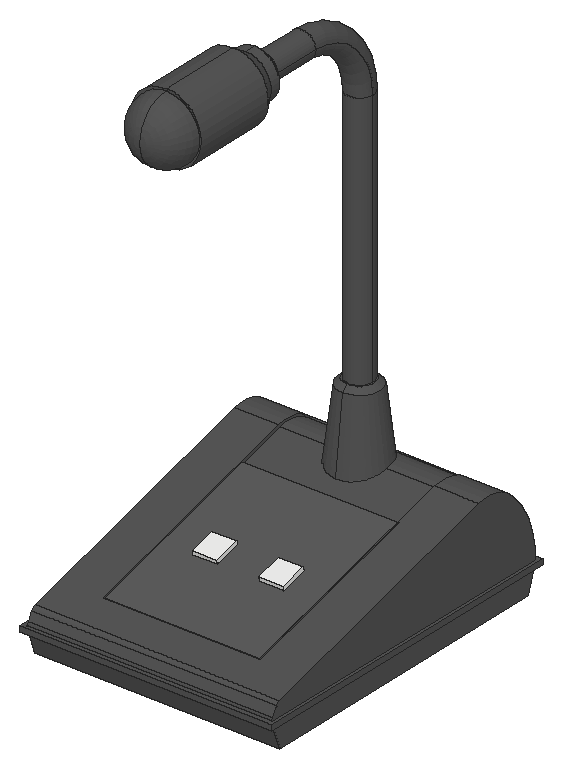
Revit family "Electronics_Commercial-Audio_Biamp_Paging-Station_MICPAT-2_MICPAT-4_MICPAT-D", category Communication Devices, host Face, Revit 2020
Family settings
  Host = Face
  Maintain Annotation Orientation = No
  Round Connector Dimension = Use Diameter
  Part Type = Normal
  OmniClass Number = 23.85.10.11.14.14.11
  Cut with Voids When Loaded = No
  Shared = No
  Room Calculation Point = No
Parameters (values of type "MICPAT-2")
  Zones = "2"
  Width = 0' - 4.92126"
  Weight = 1.87393 lbf
  Voltage = 0.275 V
  URL = "https://www.biamp.com/"
  Rated output impedance  in ohms = "600 balanced"
  Product data url = "https://www.bimobject.com/biamp/product/micpat-2_commercial-audio-microphone"
  Product Page URL = "https://www.biamp.com/products/product-families/commercial-audio/microphones#micpat-2"
  Product Documentation Link = "https://downloads.biamp.com/assets/docs/default-source/data-sheets/biamp_data_sheet_micpat-2.pdf"
  Power type = ""
  Power Factor = 1
  Polar pattern = "Uni-directional"
  Number of Poles = 1
  Model = "MICPAT-2"
  Max Power Consumption = 0 W
  Manufacturer = "Biamp"  # constant formula
  MICPAT-D = no
  MICPAT-4 = no
  MICPAT-2-D = yes
  MICPAT-2 = yes
  Indicator = "1 per button"
  Housing Material = Biamp - Plastic - Black
  Height = 0' - 2.16535"
  Frequency range = "80 Hz - 12 kHz"
  Description = "MICPAT-2 Selective 2-Zone Paging Station"
  Depth = 0' - 6.88976"
  Default Elevation = 4' - 0"
  Connector Description = "Open wire"
  Cable type = "2 core + 2 core screened"
  Cable lenght in m = "5"
  Buttons = "2 push to-talk"
  Apparent Load = Max Power Consumption / Power Factor  # 0 VA
  Active = ""
Types (3): name | Zones | Width | Weight | Voltage | Rated output impedance  in ohms | Product data url | Product Page URL | Product Documentation Link | Power type | Polar pattern | Model | MICPAT-D | MICPAT-4 | MICPAT-2-D | MICPAT-2 | Indicator | Housing Material | Height | Frequency range | Description | Depth | Connector Description | Cable type | Cable lenght in m | Buttons | Active
  MICPAT-2 | "2" | 0' - 4.92126" | 1.87393 lbf | 0.275 V | "600 balanced" | "https://www.bimobject.com/biamp/product/micpat-2_commercial-audio-microphone" | "https://www.biamp.com/products/product-families/commercial-audio/microphones#micpat-2" | "https://downloads.biamp.com/assets/docs/default-source/data-sheets/biamp_data_sheet_micpat-2.pdf" | "" | "Uni-directional" | "MICPAT-2" | no | no | yes | yes | "1 per button" | Biamp - Plastic - Black | 0' - 2.16535" | "80 Hz - 12 kHz" | "MICPAT-2 Selective 2-Zone Paging Station" | 0' - 6.88976" | "Open wire" | "2 core + 2 core screened" | "5" | "2 push to-talk" | ""
  MICPAT-D | "" | 0' - 4.72441" | 1.78574 lbf | 0.005 V | "600" | "https://www.bimobject.com/biamp/product/micpat-d_commercial-audio-microphone" | "https://www.biamp.com/products/product-families/commercial-audio/microphones#micpat-d" | "https://downloads.biamp.com/assets/docs/default-source/data-sheets/biamp_data_sheet_micpat-d.pdf" | "" | "Uni-directional" | "MICPAT-D" | yes | no | yes | no | "" | Biamp - Plastic - Black | 0' - 1.9685" | "80 Hz - 12 kHz" | "MICPAT-D All Call Dynamic Paging Microphone" | 0' - 6.49606" | "DIN5" | "" | "3" | "Toggle switch : talk - off - continuous talk" | ""
  MICPAT-4 | "4" | 0' - 4.52756" | 1.21254 lbf | 0.000 V | "50 balanced" | "https://www.bimobject.com/en/biamp/product/micpat-4_commercial-audio-microphone" | "https://www.biamp.com/products/product-families/commercial-audio/microphones#micpat-4" | "https://downloads.biamp.com/assets/docs/default-source/data-sheets/biamp_data_sheet_micpat-4.pdf" | "Phantom" | "directional, low feedback, electret capsule" | "MICPAT-4" | no | yes | no | no | "1 per button + multi color status" | Biamp - Plastic - Gray | 0' - 2.3622" | "80 Hz - 20 kHz" | "MICPAT-4 Selective 4-Zone Paging Station" | 0' - 6.37795" | "RJ45" | "CAT5" | "5" | "4 selection + Call + All Call" | "Yes"
Reference planes (in)
  plane 1 "Center (Front/Back)": y = 0
  plane 2: z = 0
  plane 3 "Center (Left/Right)": x = 0
Forms (in)
  Extrusion 1, solid, material "Biamp - Plastic - Black" <- "Housing Material", visible <- "MICPAT-2-D", detail levels fine
    sketch origin (0, 0, 0) x (0, 1, 0) y (0, 0, 1)
      loop
        line (3.13171, 0) -> (3.27807, 0.45045)
        arc (3.27807, 0.45045) -> (3.31298, 0.6182) -> (3.31077, 0.78953) r 0.7874
        arc (3.31077, 0.78953) -> (3.11799, 1.4408) -> (2.72361, 1.99377) r 2.05678
        arc (2.72361, 1.99377) -> (2.34375, 2.21225) -> (1.90555, 2.21007) r 0.84136
        line (1.90555, 2.21007) -> (-3.12357, 0.86253)
        arc (-3.12357, 0.86253) -> (-3.17291, 0.83739) -> (-3.20776, 0.79435) r 0.13317
        line (-3.20776, 0.79435) -> (-3.29558, 0.62199)
        arc (-3.29558, 0.62199) -> (-3.31832, 0.53712) -> (-3.30457, 0.45033) r 0.21132
        line (-3.30457, 0.45033) -> (-3.13171, 0) -> (3.13171, 0)
    from 2.46063 to -2.46063
  Revolve 2, solid, material "Biamp - Plastic - Black" <- "Housing Material", visible <- "MICPAT-2-D", detail levels fine
    sketch origin (0, 0, 0) x (0, 1, 0) y (0, 0, 1)
      loop
        line (1.96504, 3.60757) -> (1.96504, 1.74194) -> (2.5938, 1.74194) -> (2.37789, 3.50039) -> (2.2707, 3.60757) -> (1.96504, 3.60757)
      axis (1.96504, 3.60757) -> (1.96504, 1.74194)
    angle from 0 to 360
  Sweep 3, solid, material "Biamp - Plastic - Black" <- "Housing Material", visible <- "MICPAT-2-D"
    path origin (0, 0, 0) x (0, 1, 0) y (0, 0, 1)
      loop
        line (1.96504, 3.60757) -> (1.96504, 8.79389)
        arc (1.96504, 8.79389) -> (1.54054, 9.81873) -> (0.5157, 10.24323) r 1.44934
        line (0.5157, 10.24323) -> (-0.44984, 10.24323)
    profile origin (0, 1.96504, 6.20073) x (0, -1, 0) y (1, 0, 0)
      loop
        circle (0, 0) r 0.26836
  Revolve 4, solid, material "Biamp - Plastic - Black" <- "Housing Material", visible <- "MICPAT-2-D"
    sketch origin (0, 0, 0) x (0, 1, 0) y (0, 0, 1)
      loop
        line (-0.44984, 10.51159) -> (-0.67611, 10.73786) -> (-0.89781, 10.73786) -> (-1.21877, 10.95436) -> (-2.90116, 10.95436) -> (-2.90116, 10.90498)
        arc (-2.90116, 10.90498) -> (-3.36909, 10.71116) -> (-3.56291, 10.24323) r 0.66175
        line (-3.56291, 10.24323) -> (-0.44984, 10.24323) -> (-0.44984, 10.51159)
      axis (-0.44984, 10.24323) -> (-3.56291, 10.24323)
    angle from 0 to 360
  Extrusion 5, solid, material "Biamp - Plastic - Black" <- "Housing Material", visible <- "MICPAT-2-D", detail levels coarse+medium
    sketch origin (0, 0, 0) x (0, 1, 0) y (0, 0, 1)
      loop
        line (3.13171, 0) -> (3.32526, 0.59569)
        arc (3.32526, 0.59569) -> (3.15852, 1.35243) -> (2.72361, 1.99377) r 2.05678
        arc (2.72361, 1.99377) -> (2.34375, 2.21225) -> (1.90555, 2.21007) r 0.84136
        line (1.90555, 2.21007) -> (-3.18084, 0.84718) -> (-3.33829, 0.53816) -> (-3.13171, 0) -> (3.13171, 0)
    from 2.46063 to -2.46063
  Extrusion 6, void
    sketch origin (0, 0, 0) x (0, 1, 0) y (0, 0, 1)
      loop
        line (1.90555, 2.21007) -> (-2.50898, 1.0272) -> (-2.49879, 0.98918) -> (1.91587, 2.17208)
        arc (1.91587, 2.17208) -> (2.33363, 2.1742) -> (2.69577, 1.96593) r 0.80199
        line (2.69577, 1.96593) -> (2.72361, 1.99377)
        arc (2.72361, 1.99377) -> (2.34375, 2.21225) -> (1.90555, 2.21007) r 0.84136
    from -1.5748 to 1.57525
  Extrusion 7, solid, material "Biamp - Plastic - Black" <- "Housing Material", visible <- "MICPAT-2-D", detail levels fine
    sketch origin (0, 0, 0) x (1, 0, 0) y (0, 1, 0)
      loop
        line (-2.46063, 3.32526) -> (-2.46063, -3.33829) -> (2.46063, -3.33829) -> (2.46063, 3.32526) -> (-2.46063, 3.32526)
      loop
        line (-2.53937, -3.41703) -> (2.53937, -3.41703) -> (2.53937, 3.404) -> (-2.53937, 3.404) -> (-2.53937, -3.41703)
    from 0.47006 to 0.57889
  Extrusion 8, void
    sketch origin (0, 0, 0) x (0, 1, 0) y (0, 0, 1)
      loop
        line (1.91587, 2.17208) -> (1.34832, 2.02) -> (1.32291, 1.72964) -> (2.6013, 1.72964) -> (2.56355, 2.07269)
        arc (2.56355, 2.07269) -> (2.25032, 2.19155) -> (1.91587, 2.17208) r 0.80199
    from -0.84071 to 0.93675
  Extrusion 9, solid, material "Biamp - Metal - Black", visible <- "MICPAT-2-D", detail levels fine
    sketch origin (0, 0, 0) x (0, 1, 0) y (0, 0, 1)
      loop
        line (-2.49879, 0.98918) -> (0.98439, 1.92249) -> (0.9742, 1.96052) -> (-2.50898, 1.0272) -> (-2.49879, 0.98918)
    from -1.5748 to 1.57525
  Extrusion 10, solid, material "Biamp - Plastic - White", visible <- "MICPAT-2", detail levels fine
    sketch origin (0, 0, 0) x (0, 1, 0) y (0, 0, 1)
      loop
        line (-1.07942, 1.41025) -> (-0.58235, 1.54344) -> (-0.60273, 1.6195) -> (-1.0998, 1.48631) -> (-1.07942, 1.41025)
    from -0.91752 to -0.42963
  Extrusion 11, solid, material "Biamp - Plastic - White", visible <- "MICPAT-2", detail levels fine
    sketch origin (0, 0, 0) x (0, 1, 0) y (0, 0, -1)
      loop
        line (-1.07942, -1.41025) -> (-1.0998, -1.48631) -> (-0.60273, -1.6195) -> (-0.58235, -1.54344) -> (-1.07942, -1.41025)
    from -0.91752 to -0.42963
  Extrusion 12, solid, material "Biamp - Plastic - Black" <- "Housing Material", visible <- "MICPAT-D", detail levels fine
    sketch origin (0, 0, 0) x (0, 1, 0) y (0, 0, 1)
      loop
        line (-0.73982, 1.50125) -> (-0.91376, 2.1504)
        arc (-0.91376, 2.1504) -> (-1.0343, 2.22) -> (-1.1039, 2.09945) r 0.09843
        line (-1.1039, 2.09945) -> (-0.92996, 1.4503) -> (-0.73982, 1.50125)
    from -0.09843 to 0.09843
  Extrusion 13, void
    sketch origin (0, 0, 0) x (1, 0, 0) y (0, 0, 1)
      loop
        circle (0.97889, 0.23091) r 0.19685
    from -3.32526 to -3.09656
  Extrusion 14, solid, material "Biamp - Plastic - Gray", visible <- "MICPAT-4", detail levels fine
    sketch origin (0, 0, 0) x (0, 1, 0) y (0, 0, 1)
      loop
        arc (2.61596, 0) -> (2.7358, 0.04068) -> (2.8061, 0.1459) r 0.19685
        line (2.8061, 0.1459) -> (3.18898, 1.5748) -> (3.18898, 1.83183)
        arc (3.18898, 1.83183) -> (3.05357, 2.12896) -> (2.74048, 2.2217) r 0.3937
        line (2.74048, 2.2217) -> (-3.04916, 1.40802)
        arc (-3.04916, 1.40802) -> (-3.18496, 1.35365) -> (-3.28005, 1.24249) r 0.30622
        arc (-3.28005, 1.24249) -> (-3.35747, 0.61376) -> (-3.01809, 0.07885) r 0.93934
        arc (-3.01809, 0.07885) -> (-2.90721, 0.02374) -> (-2.78362, 0.01624) r 0.31118
        line (-2.78362, 0.01624) -> (1.47168, 0.61428)
        arc (1.47168, 0.61428) -> (1.53855, 0.58961) -> (1.55488, 0.52024) r 0.07529
        line (1.55488, 0.52024) -> (1.47135, 0.20849)
        arc (1.47135, 0.20849) -> (1.49993, 0.0648) -> (1.63133, 0) r 0.16563
        line (1.63133, 0) -> (2.61596, 0)
    from -2.26378 to 2.26378
  Extrusion 15, solid, material "Biamp - Plastic - Gray", visible <- "MICPAT-4", detail levels coarse+medium
    sketch origin (0, 0, 0) x (0, 1, 0) y (0, 0, 1)
      loop
        line (2.76701, 0) -> (3.18898, 1.5748) -> (3.18898, 1.83183)
        arc (3.18898, 1.83183) -> (3.05357, 2.12896) -> (2.74048, 2.2217) r 0.3937
        line (2.74048, 2.2217) -> (-3.18898, 1.38837)
        arc (-3.18898, 1.38837) -> (-3.36058, 0.62812) -> (-2.89917, 0) r 0.93934
        line (-2.89917, 0) -> (1.58433, 0.63011) -> (1.41549, 0) -> (2.76701, 0)
    from -2.26378 to 2.26378
  Extrusion 16, void
    sketch origin (0, 1.39054, 2.03198) x (0, 0.990268, 0.139173) y (1, 0, 0)
      loop
        arc (1.30498, -1.87008) -> (1.38095, -1.83861) -> (1.41242, -1.76263) r 0.10745
        line (1.41242, -1.76263) -> (1.41242, 1.76263)
        arc (1.41242, 1.76263) -> (1.38095, 1.83861) -> (1.30498, 1.87008) r 0.10745
        line (1.30498, 1.87008) -> (-4.32023, 1.87008)
        arc (-4.32023, 1.87008) -> (-4.3962, 1.83861) -> (-4.42767, 1.76263) r 0.10745
        line (-4.42767, 1.76263) -> (-4.42767, -1.76263)
        arc (-4.42767, -1.76263) -> (-4.3962, -1.83861) -> (-4.32023, -1.87008) r 0.10745
        line (-4.32023, -1.87008) -> (1.30498, -1.87008)
      loop
        arc (1.30498, -1.8622) -> (1.37538, -1.83304) -> (1.40455, -1.76263) r 0.09957
        line (1.40455, -1.76263) -> (1.40455, 1.76263)
        arc (1.40455, 1.76263) -> (1.37538, 1.83304) -> (1.30498, 1.8622) r 0.09957
        line (1.30498, 1.8622) -> (-4.32023, 1.8622)
        arc (-4.32023, 1.8622) -> (-4.39063, 1.83304) -> (-4.4198, 1.76263) r 0.09957
        line (-4.4198, 1.76263) -> (-4.4198, -1.76263)
        arc (-4.4198, -1.76263) -> (-4.39063, -1.83304) -> (-4.32023, -1.8622) r 0.09957
        line (-4.32023, -1.8622) -> (1.30498, -1.8622)
    from -0.12288 to 0.09859
  Revolve 17, solid, material "Biamp - Plastic - Black" <- "Housing Material", visible <- "MICPAT-4"
    sketch origin (-1.0426, 0, 0) x (0, 1, 0) y (0, 0, 1)
      loop
        line (1.95231, 2.11093) -> (2.39316, 2.17289)
        arc (2.39316, 2.17289) -> (2.40574, 2.18476) -> (2.3987, 2.20055) r 0.01495
        arc (2.3987, 2.20055) -> (2.30868, 2.22869) -> (2.21541, 2.24273) r 0.61485
        arc (2.21541, 2.24273) -> (2.19978, 2.24956) -> (2.19192, 2.2647) r 0.02559
        line (2.19192, 2.2647) -> (2.08726, 3.00942) -> (1.83109, 2.97342) -> (1.95231, 2.11093)
      axis (1.95231, 2.11093) -> (1.83109, 2.97342)
    angle from 0 to 360
  Sweep 18, solid, material "Biamp - Plastic - Black" <- "Housing Material", visible <- "MICPAT-4"
    path origin (0, 0, 0) x (0, 1, 0) y (0, 0, 1)
      loop
        spline (1.83109, 2.97342) -> (1.60087, 3.74779) -> (1.59007, 4.26231) -> (1.68942, 4.87894) -> (1.80954, 5.6422) -> (1.87216, 6.41926) -> (1.8238, 7.10342) -> (1.70372, 7.69352) -> (1.57302, 8.21318) -> (1.4692, 8.68641) -> (1.32886, 9.1389) -> (0.93849, 9.5995) -> (-0.44984, 10.10905)
    profile origin (0, 1.8238, 7.10342) x (0, -0.989069, -0.147453) y (1, 0, 0)
      loop
        circle (0, -1.03962) r 0.19691
  Revolve 19, solid, material "Biamp - Plastic - Black" <- "Housing Material", visible <- "MICPAT-4"
    sketch origin (-1.04204, 0, 0) x (0, 1, 0) y (0, 0, 1)
      loop
        arc (-0.33816, 10.5086) -> (-1.08109, 10.87781) -> (-1.88616, 11.07808) r 3.82358
        arc (-1.88616, 11.07808) -> (-2.23089, 10.92822) -> (-2.42141, 10.60418) r 0.60736
        line (-2.42141, 10.60418) -> (-0.35725, 10.0858)
        arc (-0.35725, 10.0858) -> (-0.32289, 10.29608) -> (-0.33816, 10.5086) r 0.91371
      axis (-0.35725, 10.0858) -> (-2.42141, 10.60418)
    angle from 0 to 360
  Extrusion 20, void
    sketch origin (0, 1.39054, 2.03198) x (0, 0.990268, 0.139173) y (1, 0, 0)
      loop
        line (-2.85935, -1.40016) -> (-2.85935, -0.89142) -> (-3.34569, -0.89142) -> (-3.34569, -1.40016) -> (-2.85935, -1.40016)
      loop
        line (-2.85935, -0.8096) -> (-2.85935, -0.30087) -> (-3.34569, -0.30087) -> (-3.34569, -0.8096) -> (-2.85935, -0.8096)
      loop
        line (-3.39569, -1.40016) -> (-3.39569, -0.89142) -> (-3.88202, -0.89142) -> (-3.88202, -1.40016) -> (-3.39569, -1.40016)
      loop
        line (-3.39569, -0.8096) -> (-3.39569, -0.30087) -> (-3.88202, -0.30087) -> (-3.88202, -0.8096) -> (-3.39569, -0.8096)
      loop
        line (-2.85935, 1.08065) -> (-2.85935, 1.58938) -> (-3.34569, 1.58938) -> (-3.34569, 1.08065) -> (-2.85935, 1.08065)
      loop
        line (-3.39569, 1.08065) -> (-3.39569, 1.58938) -> (-3.88202, 1.58938) -> (-3.88202, 1.08065) -> (-3.39569, 1.08065)
    from 0 to 0.09859
  Extrusion 21, solid, material "Biamp - Plastic - White", visible <- "MICPAT-4", detail levels fine
    sketch origin (0, 1.39054, 2.03198) x (0, -0.990268, -0.139173) y (1, 0, 0)
      loop
        line (2.86329, -1.39622) -> (3.34175, -1.39622) -> (3.34175, -0.89536) -> (2.86329, -0.89536) -> (2.86329, -1.39622)
      loop
        line (3.39997, -1.39622) -> (3.87843, -1.39622) -> (3.87843, -0.89536) -> (3.39997, -0.89536) -> (3.39997, -1.39622)
      loop
        line (2.86329, -0.80567) -> (3.34175, -0.80567) -> (3.34175, -0.30481) -> (2.86329, -0.30481) -> (2.86329, -0.80567)
      loop
        line (3.39997, -0.80567) -> (3.87843, -0.80567) -> (3.87843, -0.30481) -> (3.39997, -0.30481) -> (3.39997, -0.80567)
      loop
        line (2.86329, 1.08459) -> (3.34175, 1.08459) -> (3.34175, 1.58545) -> (2.86329, 1.58545) -> (2.86329, 1.08459)
      loop
        line (3.39997, 1.08459) -> (3.87843, 1.08459) -> (3.87843, 1.58545) -> (3.39997, 1.58545) -> (3.39997, 1.08459)
    from -0.09859 to 0.10082
  Revolve 22, solid, material "Biamp - Plastic - Black" <- "Housing Material", visible <- "MICPAT-2-D", detail levels coarse+medium
    sketch origin (0, 0, 0) x (0, 1, 0) y (0, 0, 1)
      loop
        line (1.96504, 3.60757) -> (1.96504, 1.74194) -> (2.5938, 1.74194) -> (2.37789, 3.50039) -> (2.2707, 3.60757) -> (1.96504, 3.60757)
      axis (1.96504, 3.60757) -> (1.96504, 1.74194)
    angle from 0 to 360
Cuts and joins
  Extrusion 6, Extrusion 13, Extrusion 20 cuts Extrusion 1
  Extrusion 8 cuts Revolve 2
  Extrusion 13, Extrusion 20 cuts Extrusion 5
  joined: Extrusion 5, Revolve 22
  Extrusion 16, Extrusion 20 cuts Extrusion 14
  Extrusion 20 cuts Extrusion 9
Lines and regions (in)
  Masking region 1, visible <- "MICPAT-2-D"
    outline origin (0, 0, 0) x (1, 0, 0) y (0, 1, 0)
      loop
        line (-2.53937, 3.404) -> (-2.53937, -3.41703) -> (2.53937, -3.41703) -> (2.53937, 3.404) -> (-2.53937, 3.404)
  Masking region 2, visible <- "MICPAT-2"
    outline origin (0, 0, 0) x (1, 0, 0) y (0, 1, 0)
      loop
        line (-0.91752, -0.58235) -> (-0.91752, -1.0998) -> (-0.42963, -1.0998) -> (-0.42963, -0.58235) -> (-0.91752, -0.58235)
      loop
        line (0.42963, -0.58235) -> (0.42963, -1.0998) -> (0.91752, -1.0998) -> (0.91752, -0.58235) -> (0.42963, -0.58235)
  Masking region 3, visible <- "MICPAT-D"
    outline origin (0, 0, 0) x (1, 0, 0) y (0, 1, 0)
      loop
        line (-0.09843, -0.73982) -> (-0.09843, -1.1039) -> (0.09843, -1.1039) -> (0.09843, -0.73982) -> (-0.09843, -0.73982)
  Masking region 4, visible <- "MICPAT-4"
    outline origin (0, 0, 0) x (1, 0, 0) y (0, 1, 0)
      loop
        line (-2.26378, 3.18898) -> (-2.26378, -3.3804) -> (2.26378, -3.3804) -> (2.26378, 3.18898) -> (-2.26378, 3.18898)
  Masking region 5, visible <- "MICPAT-4"
    outline origin (0, 0, 0) x (1, 0, 0) y (0, 1, 0)
      loop
        line (-1.40016, -1.42727) -> (-1.40016, -1.92259) -> (-0.89142, -1.92259) -> (-0.89142, -1.42727) -> (-1.40016, -1.42727)
      loop
        line (-1.39622, -1.96262) -> (-1.39622, -2.46417) -> (-0.89536, -2.46417) -> (-0.89536, -1.96262) -> (-1.39622, -1.96262)
      loop
        line (-0.8096, -1.42727) -> (-0.8096, -1.92259) -> (-0.30087, -1.92259) -> (-0.30087, -1.42727) -> (-0.8096, -1.42727)
      loop
        line (-0.80567, -1.96262) -> (-0.80567, -2.4537) -> (-0.30087, -2.4537) -> (-0.30087, -1.96262) -> (-0.80567, -1.96262)
      loop
        line (1.08065, -1.42727) -> (1.08065, -1.93272) -> (1.58545, -1.93272) -> (1.58545, -1.42727) -> (1.08065, -1.42727)
      loop
        line (1.08065, -1.95838) -> (1.08065, -2.4537) -> (1.58938, -2.4537) -> (1.58938, -1.95838) -> (1.08065, -1.95838)
  Masking region 6, visible <- "MICPAT-4"
    outline origin (0, 0, 0) x (1, 0, 0) y (0, 1, 0)
      loop
        line (-1.23344, 1.5401) -> (-1.23344, -0.3405)
        arc (-1.23344, -0.3405) -> (-1.35649, -0.36872) -> (-1.4572, -0.44484) r 0.30153
        arc (-1.4572, -0.44484) -> (-1.6308, -1.22997) -> (-1.62423, -2.03404) r 3.56908
        arc (-1.62423, -2.03404) -> (-1.0426, -2.44607) -> (-0.46097, -2.03404) r 0.61654
        arc (-0.46097, -2.03404) -> (-0.4544, -1.22997) -> (-0.628, -0.44484) r 3.56908
        arc (-0.628, -0.44484) -> (-0.72871, -0.36872) -> (-0.85176, -0.3405) r 0.30153
        line (-0.85176, -0.3405) -> (-0.85176, 1.5401)
        spline (-0.85176, 1.5401) -> (-0.69093, 1.66345) -> (-0.60054, 1.84392) -> (-0.59871, 2.04536) -> (-0.68578, 2.22741) -> (-0.84434, 2.35362) -> (-1.0426, 2.3987) -> (-1.24087, 2.35362) -> (-1.39942, 2.22741) -> (-1.4865, 2.04536) -> (-1.48466, 1.84392) -> (-1.39427, 1.66345) -> (-1.23344, 1.5401)
  Masking region 7, visible <- "MICPAT-2-D"
    outline origin (0, 0, 0) x (1, 0, 0) y (0, 1, 0)
      loop
        spline (0, 2.55231) -> (-0.08116, 2.54588) -> (-0.15873, 2.52868) -> (-0.23296, 2.49994) -> (-0.30159, 2.46194) -> (-0.36429, 2.41468) -> (-0.42024, 2.35935) -> (-0.46872, 2.29675) -> (-0.50895, 2.22761) -> (-0.54001, 2.1531) -> (-0.56119, 2.07507) -> (-0.57218, 1.99596) -> (-0.57293, 1.91687)
        spline (-0.57293, 1.91687) -> (-0.56913, 1.86764) -> (-0.56088, 1.81893) -> (-0.54825, 1.77109) -> (-0.53134, 1.72451) -> (-0.51028, 1.67953) -> (-0.48523, 1.63651) -> (-0.45638, 1.59576) -> (-0.42395, 1.55761) -> (-0.38819, 1.52234) -> (-0.34938, 1.49023) -> (-0.30781, 1.46152) -> (-0.2638, 1.43643)
        line (-0.2638, 1.43643) -> (-0.2638, -0.44984) -> (0.2638, -0.44984) -> (0.2638, 1.43643)
        spline (0.2638, 1.43643) -> (0.30781, 1.46152) -> (0.34938, 1.49023) -> (0.38819, 1.52234) -> (0.42395, 1.55761) -> (0.45638, 1.59576) -> (0.48523, 1.63651) -> (0.51028, 1.67953) -> (0.53134, 1.72451) -> (0.54825, 1.77109) -> (0.56088, 1.81893) -> (0.56913, 1.86764) -> (0.57293, 1.91687)
        spline (0.57293, 1.91687) -> (0.57218, 1.99596) -> (0.56119, 2.07507) -> (0.54001, 2.1531) -> (0.50895, 2.22761) -> (0.46872, 2.29675) -> (0.42024, 2.35935) -> (0.36429, 2.41468) -> (0.30159, 2.46194) -> (0.23296, 2.49994) -> (0.15873, 2.52868) -> (0.08116, 2.54588) -> (0, 2.55231)
  Masking region 8, visible <- "MICPAT-2-D"
    outline origin (0, 0, 0) x (1, 0, 0) y (0, 1, 0)
      loop
        line (0.66175, -2.90116) -> (-0.66175, -2.90116)
        arc (-0.66175, -2.90116) -> (0, -3.56291) -> (0.66175, -2.90116) r 0.66175
  Masking region 9, visible <- "MICPAT-2-D"
    outline origin (0, 0, 0) x (1, 0, 0) y (0, 1, 0)
      loop
        line (-0.49007, -0.67611) -> (-0.49007, -0.89781) -> (0.49007, -0.89781) -> (0.49007, -0.67611) -> (-0.49007, -0.67611)
  Masking region 10, visible <- "MICPAT-2-D"
    outline origin (0, 0, 0) x (1, 0, 0) y (0, 1, 0)
      loop
        line (-0.49007, -0.89781) -> (-0.71112, -1.21877) -> (0.71112, -1.21877) -> (0.49007, -0.89781) -> (-0.49007, -0.89781)
  Masking region 11, visible <- "MICPAT-2-D"
    outline origin (0, 0, 0) x (1, 0, 0) y (0, 1, 0)
      loop
        line (-0.71112, -1.21877) -> (-0.71112, -2.90116) -> (0.71112, -2.90116) -> (0.71112, -1.21877) -> (-0.71112, -1.21877)
  Masking region 12, visible <- "MICPAT-2-D"
    outline origin (0, 0, 0) x (1, 0, 0) y (0, 1, 0)
      loop
        line (-0.2638, -0.44984) -> (-0.49007, -0.67611) -> (0.49007, -0.67611) -> (0.2638, -0.44984) -> (-0.2638, -0.44984)
  symbolic lines, visible <- "MICPAT-4"
    curve 1: arc (-1.62423, -2.03404, 0) -> (-1.0426, -1.91484, 0) -> (-0.46097, -2.03404, 0) r 1.47857
    curve 2: arc (-1.23344, -0.3405, 0) -> (-1.0426, -0.32345, 0) -> (-0.85176, -0.3405, 0) r 1.07654
Dimensions and locks (in)
  aligned and locked: plane 2 to host face
  aligned and locked: level to host face
Connectors (in)
  electrical at (0.97889, 3.09656, 0.23091), driven by "Number of Poles", driven by "Voltage", driven by "Apparent Load", driven by "Power Factor", driven by "Connector Description"
    settings: on cut or joined group of Extrusion 1, Extrusion 6, Extrusion 13, Extrusion 20, index 1, voltage 0.275 V, apparent load 0 VA, apparent load phase1 0 VA, apparent load phase2 0 VA, apparent load phase3 0 VA, power factor 1, load classification "Other", number of poles 1, system type 31, power factor state 1, is connector primary yes, connector utility no, sub classification motor no, connector description "Open wire"
